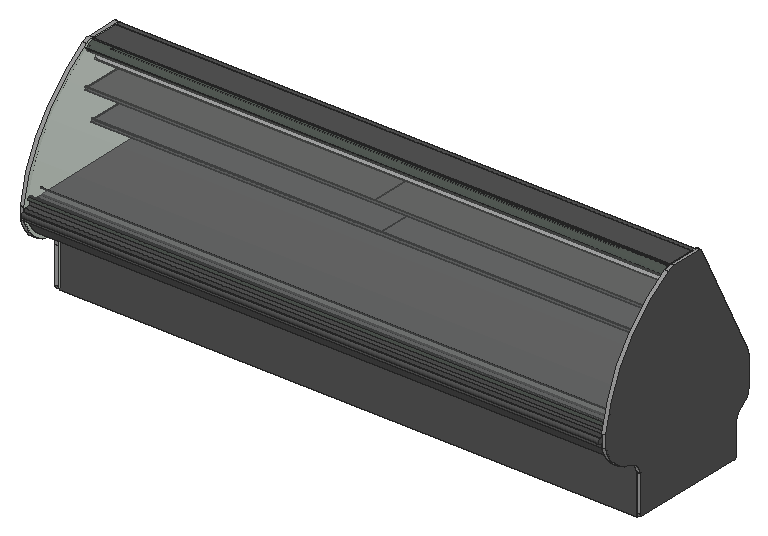
Revit family "ESBD_2014", category Specialty Equipment, Revit 2014 (continued)
Definition of nested family "Floor Support - E Series"
  Parameters (values of type "Floor Support - E Series")
    Model = ""
    Manufacturer = "Hussmann Corporation"
    Height = 15.4495"
    Floor Support = none
    Description = ""
    Depth = 26.382"
    Assembly Code = ""
    Accessories/Options = ""
  Reference planes (in)
    plane 1 "Back": y = -2.993
    plane 2 "Bottom": z = 0
    plane 3 "Top": z = 15.4495
    plane 4 "Front": y = -29.375
    plane 5 "Center (Left/Right)": x = -0.61949
    plane 6 "Left": x = -2.61949
    plane 7 "Right": x = 1.38051
  Forms (in)
    Extrusion 1, solid, material <- "Floor Support"
      sketch origin (0, 0, 0) x (1, 0, 0) y (0, 1, 0)
        loop
          line (-2.61949, -6.062) -> (-2.61949, -6.187) -> (-1.74449, -6.187) -> (-1.74449, -3.118) -> (0.50551, -3.118) -> (0.50551, -6.187) -> (1.38051, -6.187) -> (1.38051, -6.062) -> (0.63051, -6.062) -> (0.63051, -2.993) -> (-1.86949, -2.993) -> (-1.86949, -6.062) -> (-2.61949, -6.062)
        loop
          line (-2.61949, -26.306) -> (-1.86949, -26.306) -> (-1.86949, -29.375) -> (0.63051, -29.375) -> (0.63051, -26.306) -> (1.38051, -26.306) -> (1.38051, -26.181) -> (0.50551, -26.181) -> (0.50551, -29.25) -> (-1.74449, -29.25) -> (-1.74449, -26.181) -> (-2.61949, -26.181) -> (-2.61949, -26.306)
      from 0.6875 to 15.4495
    Extrusion 2, solid, material <- "Floor Support"
      sketch origin (0, 0, 0) x (1, 0, 0) y (0, 1, 0)
        loop
          circle (-0.61949, -3.519) r 0.3125
        loop
          circle (-0.61949, -28.592) r 0.3125
      from 0 to 0.5625
    Extrusion 3, solid, material <- "Floor Support"
      sketch origin (0, 0, 0) x (1, 0, 0) y (0, 1, 0)
        loop
          circle (-0.61949, -28.592) r 0.5
        loop
          circle (-0.61949, -3.519) r 0.5
      from 0.5625 to 0.6875
    Extrusion 4, solid, material <- "Floor Support"
      sketch origin (0, 0, 0) x (1, 0, 0) y (0, 1, 0)
        loop
          line (-1.74449, -3.118) -> (-1.74449, -29.25) -> (0.50551, -29.25) -> (0.50551, -3.118) -> (-1.74449, -3.118)
      from 12.56949 to 15.4495
  Dimensions and locks (in)
    "Depth": plane 4 "Front" to plane 1 "Back"
    "Height": plane 3 "Top" to level
    equal spacing: plane 6 "Left", plane 5 "Center (Left/Right)", plane 7 "Right"
    "Width": plane 6 "Left" to plane 7 "Right"
    aligned and locked: Extrusion 4 to plane 3 "Top"
    aligned and locked: Extrusion 1 to plane 3 "Top"
  Automatic sketch dimensions
    plane 1 "Back" to Extrusion 1 sketch curve = 0"
    Extrusion 1 sketch curve to Extrusion 1 sketch curve = 1/8"  (x9)
    plane 1 "Back" to Extrusion 1 sketch curve = 1/8"
    Extrusion 1 sketch curve to Extrusion 1 sketch curve = 0"  (x2)
    Extrusion 1 sketch curve to plane 6 "Left" = 0"  (x2)
    plane 6 "Left" to Extrusion 1 sketch curve = 3/4"  (x2)
    Extrusion 1 sketch curve to plane 7 "Right" = 0"  (x2)
    Extrusion 1 sketch curve to plane 7 "Right" = 7/8"
    Extrusion 1 sketch curve to Extrusion 1 sketch curve = 7/8"
    Extrusion 3 sketch curve to plane 5 "Center (Left/Right)" = 0"  (x2)
    plane 4 "Front" to Extrusion 4 sketch curve = 1/8"
    plane 6 "Left" to Extrusion 4 sketch curve = 7/8"
    Extrusion 4 sketch curve to plane 7 "Right" = 7/8"
    plane 1 "Back" to Extrusion 4 sketch curve = 1/8"
    Extrusion 1 sketch curve to plane 4 "Front" = 0"
    Extrusion 1 sketch curve to Extrusion 1 sketch curve = 2.944"
    plane 4 "Front" to Extrusion 3 sketch curve = 0.783"
    Extrusion 1 sketch curve to Extrusion 1 sketch curve = 3.069"
    plane 1 "Back" to Extrusion 3 sketch curve = 0.526"
    radius of Extrusion 3 sketch curve = 1/2"  (x2)
Definition of nested family "Service Doors - 117deg - 48"
  Parameters (values of type "Service Doors - 117deg - 48")
    Glazing = Glass
    Door Frame = none
  Reference planes (in)
    plane 1 "Center (Front/Back)": y = 25.29918
    plane 2: z = 0
    plane 3 "Center (Left/Right)": x = 0
  Forms (in)
    Sweep 1, solid, material <- "Door Frame"
      path in 3D
        loop
          line (48, 12.47395, 49.89806) -> (0, 12.47395, 49.89806) -> (0, 25.29918, 24.72713) -> (48, 25.29918, 24.72713) -> (48, 12.47395, 49.89806)
      profile origin (24, 12.47395, 49.89806) x (0, -0.999433, -0.03367) y (0, -0.03367, 0.999433)
        loop
          line (0.21162, -0.099) -> (0, 0) -> (-0.6356, -1.35868) -> (1.40139, -2.3116) -> (1.82513, -1.40581) -> (0.01501, -0.55903) -> (0.21162, -0.099)
    Extrusion 2, solid, material <- "Door Frame"
      sketch origin (1.5, 11.15118, 47.54059) x (0, 0.45399, -0.891007) y (0, 0.891007, 0.45399)
        loop
          line (0, 0.25) -> (25.25, 0.25) -> (25.25, 1.0625) -> (0, 1.0625) -> (0, 0.25)
      from 0 to 23
    Extrusion 3, solid, material <- "Door Frame"
      sketch origin (46.5, 22.61444, 25.04267) x (0, -0.45399, 0.891007) y (0, 0.891007, 0.45399)
        loop
          line (25.25, 1.875) -> (0, 1.875) -> (0, 1.0625) -> (25.25, 1.0625) -> (25.25, 1.875)
      from 0 to 23
    Extrusion 4, void
      sketch origin (46.5, 13.11976, 47.80708) x (0, -0.45399, 0.891007) y (-1, 0, 0)
        loop
          line (-23.09373, 21.5) -> (-23.09373, 1.5) -> (-0.84373, 1.5) -> (-0.84373, 21.5) -> (-23.09373, 21.5)
      from 0 to 0.8125
    Extrusion 5, void
      sketch origin (1.5, 11.1405, 48.11223) x (0, -0.45399, 0.891007) y (1, 0, 0)
        loop
          line (-2.01418, 21.5) -> (-24.26418, 21.5) -> (-24.26418, 1.5) -> (-2.01418, 1.5) -> (-2.01418, 21.5)
      from 0 to 0.8125
    Extrusion 6, solid, material "Glass" <- "Glazing"
      sketch origin (25, 24.28508, 25.8939) x (0, -0.45399, 0.891007) y (0, -0.891007, -0.45399)
        loop
          line (1.5, 0.1875) -> (25.25, 0.1875) -> (25.25, 0.625) -> (1.5, 0.625) -> (1.5, 0.1875)
      from 0 to 20
    Extrusion 7, solid, material "Glass" <- "Glazing"
      sketch origin (23, 11.37393, 47.65408) x (0, 0.45399, -0.891007) y (0, -0.891007, -0.45399)
        loop
          line (1.5, -0.625) -> (25.25, -0.625) -> (25.25, -0.1875) -> (1.5, -0.1875) -> (1.5, -0.625)
      from 0 to 20
  Cuts and joins
    Extrusion 4 cuts Extrusion 3
    Extrusion 5 cuts Extrusion 2
  Lines and regions (in)
    sketch lines
      curve 1: line (48, 25.29918, 24.72713) -> (48, 12.47395, 49.89806)
      curve 2: line (0, 12.47395, 49.89806) -> (0, 25.29918, 24.72713)
      curve 3: line (48, 12.47395, 49.89806) -> (0, 12.47395, 49.89806)
      curve 4: line (48, 25.29918, 24.72713) -> (0, 25.29918, 24.72713)
  Dimensions and locks (in)
    Extrusion 2 to Extrusion 3 = 45"
    plane 3 "Center (Left/Right)" to Sweep 1 = 48"
    Sweep 1 to Sweep 1 = 1 1/2"
    locked: cut or joined group of Extrusion 3, Extrusion 4 to Extrusion 4 sketch curve at 1.5
    locked: Extrusion 5 sketch curve to cut or joined group of Extrusion 2, Extrusion 5 at 1.5
    Sweep 1 to Sweep 1 = 28 1/4"
    locked: cut or joined group of Extrusion 2, Extrusion 5 to Extrusion 5 sketch curve at 1.5  (x2)
    locked: Sweep 1 to Extrusion 5 sketch curve at 1.5
    locked: Extrusion 4 sketch curve to Sweep 1 at 1.5  (x3)
    Sweep 1 to Sweep 1 = 45"
    angle level to Sweep 1 = 117.00°
    aligned and locked: plane 2 to level
    aligned and locked: Extrusion 3 to Sweep 1  (x3)
    aligned and locked: Extrusion 2 to Sweep 1
    aligned and locked: Extrusion 6 to cut or joined group of Extrusion 3, Extrusion 4
    aligned and locked: cut or joined group of Extrusion 3, Extrusion 4 to Extrusion 6
    aligned and locked: cut or joined group of Extrusion 2, Extrusion 5 to Extrusion 7
    aligned and locked: plane 1 "Center (Front/Back)" to Sweep 1
    aligned and locked: Sweep 1 to Extrusion 2 sketch curve  (x2)
    aligned and locked: cut or joined group of Extrusion 2, Extrusion 5 to Extrusion 7 sketch curve
    aligned and locked: Extrusion 7 sketch curve to Sweep 1
    aligned and locked: Sweep 1 to Extrusion 3 sketch curve  (x2)
    aligned and locked: Extrusion 6 sketch curve to Sweep 1
    aligned and locked: Extrusion 6 sketch curve to cut or joined group of Extrusion 3, Extrusion 4
Definition of nested family "Service Doors - 117deg - 72"
  Parameters (values of type "Service Doors - 117deg - 72")
    Glazing = none
    Door Frame = none
  Reference planes (in)
    plane 1 "Center (Front/Back)": y = 25.29918
    plane 2: z = 0
    plane 3 "Center (Left/Right)": x = 0
  Forms (in)
    Sweep 1, solid, material <- "Door Frame"
      path in 3D
        loop
          line (72, 12.47395, 49.89806) -> (0, 12.47395, 49.89806) -> (0, 25.29918, 24.72713) -> (72, 25.29918, 24.72713) -> (72, 12.47395, 49.89806)
      profile origin (36, 12.47395, 49.89806) x (0, -0.999433, -0.03367) y (0, -0.03367, 0.999433)
        loop
          line (0.21162, -0.099) -> (0, 0) -> (-0.6356, -1.35868) -> (1.40139, -2.3116) -> (1.82513, -1.40581) -> (0.01501, -0.55903) -> (0.21162, -0.099)
    Extrusion 2, solid, material <- "Door Frame"
      sketch origin (1.5, 11.15118, 47.54059) x (0, 0.45399, -0.891007) y (0, 0.891007, 0.45399)
        loop
          line (0, 0.25) -> (25.25, 0.25) -> (25.25, 1.0625) -> (0, 1.0625) -> (0, 0.25)
      from 0 to 35
    Extrusion 3, solid, material <- "Door Frame"
      sketch origin (70.5, 22.61444, 25.04267) x (0, -0.45399, 0.891007) y (0, 0.891007, 0.45399)
        loop
          line (25.25, 1.875) -> (0, 1.875) -> (0, 1.0625) -> (25.25, 1.0625) -> (25.25, 1.875)
      from 0 to 35
    Extrusion 4, void
      sketch origin (70.5, 13.11976, 47.80708) x (0, -0.45399, 0.891007) y (-1, 0, 0)
        loop
          line (-23.09373, 33.5) -> (-23.09373, 1.5) -> (-0.84373, 1.5) -> (-0.84373, 33.5) -> (-23.09373, 33.5)
      from 0 to 0.8125
    Extrusion 5, void
      sketch origin (1.5, 11.1405, 48.11223) x (0, -0.45399, 0.891007) y (1, 0, 0)
        loop
          line (-2.01418, 33.5) -> (-24.26418, 33.5) -> (-24.26418, 1.5) -> (-2.01418, 1.5) -> (-2.01418, 33.5)
      from 0 to 0.8125
    Extrusion 6, solid, material <- "Glazing"
      sketch origin (37, 24.28508, 25.8939) x (0, -0.45399, 0.891007) y (0, -0.891007, -0.45399)
        loop
          line (1.5, 0.1875) -> (25.25, 0.1875) -> (25.25, 0.625) -> (1.5, 0.625) -> (1.5, 0.1875)
      from 0 to 32
    Extrusion 7, solid, material <- "Glazing"
      sketch origin (35, 11.37393, 47.65408) x (0, 0.45399, -0.891007) y (0, -0.891007, -0.45399)
        loop
          line (1.5, -0.625) -> (25.25, -0.625) -> (25.25, -0.1875) -> (1.5, -0.1875) -> (1.5, -0.625)
      from 0 to 32
  Cuts and joins
    Extrusion 4 cuts Extrusion 3
    Extrusion 5 cuts Extrusion 2
  Lines and regions (in)
    sketch lines
      curve 1: line (72, 25.29918, 24.72713) -> (72, 12.47395, 49.89806)
      curve 2: line (0, 12.47395, 49.89806) -> (0, 25.29918, 24.72713)
      curve 3: line (72, 12.47395, 49.89806) -> (0, 12.47395, 49.89806)
      curve 4: line (72, 25.29918, 24.72713) -> (0, 25.29918, 24.72713)
  Dimensions and locks (in)
    Extrusion 2 to Extrusion 3 = 69"
    plane 3 "Center (Left/Right)" to Sweep 1 = 72"
    Sweep 1 to Sweep 1 = 1 1/2"
    locked: cut or joined group of Extrusion 3, Extrusion 4 to Extrusion 4 sketch curve at 1.5
    locked: Extrusion 5 sketch curve to cut or joined group of Extrusion 2, Extrusion 5 at 1.5
    Sweep 1 to Sweep 1 = 28 1/4"
    locked: cut or joined group of Extrusion 2, Extrusion 5 to Extrusion 5 sketch curve at 1.5  (x2)
    locked: Sweep 1 to Extrusion 5 sketch curve at 1.5
    locked: Extrusion 4 sketch curve to Sweep 1 at 1.5  (x3)
    Sweep 1 to Sweep 1 = 69"
    angle level to Sweep 1 = 117.00°
    aligned and locked: plane 2 to level
    aligned and locked: Extrusion 3 to Sweep 1  (x3)
    aligned and locked: Extrusion 2 to Sweep 1
    aligned and locked: Extrusion 6 to cut or joined group of Extrusion 3, Extrusion 4
    aligned and locked: cut or joined group of Extrusion 3, Extrusion 4 to Extrusion 6
    aligned and locked: cut or joined group of Extrusion 2, Extrusion 5 to Extrusion 7
    aligned and locked: plane 1 "Center (Front/Back)" to Sweep 1
    aligned and locked: Sweep 1 to Extrusion 2 sketch curve  (x2)
    aligned and locked: cut or joined group of Extrusion 2, Extrusion 5 to Extrusion 7 sketch curve
    aligned and locked: Extrusion 7 sketch curve to Sweep 1
    aligned and locked: Sweep 1 to Extrusion 3 sketch curve  (x2)
    aligned and locked: Extrusion 6 sketch curve to Sweep 1
    aligned and locked: Extrusion 6 sketch curve to cut or joined group of Extrusion 3, Extrusion 4
Definition of nested family "Shelf - E Series"
  Parameters (values of type "18"")
    Width = 1/4"
    Shelf Bracket = Sheet Metal (Steel Painted) - 701 Black
    Height = 4.89591"
    Depth = 18"
  Types (5): name | Depth
    18" | 18"
    12" | 12"
    16" | 16"
    22" | 22"
    14" | 14"
  Reference planes (in)
    plane 1 "Back": y = 0
    plane 2: z = 0
    plane 3 "Left": x = 0
    plane 4 "Front": y = -18
    plane 5 "Right": x = 0.25
    plane 6: z = 4.89591
    plane 7 "Center (Left/Right)": x = 0.125
  Forms (in)
    Extrusion 1, solid, material "Sheet Metal (Steel Painted) - 701 Black" <- "Shelf Bracket"
      sketch origin (0, 0, 0) x (0, 1, 0) y (0, 0, 1)
        loop
          line (0.07326, 0.26836) -> (0.18143, 0.26875)
          arc (0.18143, 0.26875) -> (0.3025, 0.36199) -> (0.24317, 0.50282) r 0.12517
          line (0.24317, 0.50282) -> (-0.04494, 0.66605)
          arc (-0.04494, 0.66605) -> (-0.07187, 0.69679) -> (-0.07382, 0.7376) r 0.062
          line (-0.07382, 0.7376) -> (0.10406, 1.33811) -> (0.09305, 2.59922) -> (0.01772, 3.20416)
          arc (0.01772, 3.20416) -> (0.03288, 3.25348) -> (0.07981, 3.27494) r 0.063
          line (0.07981, 3.27494) -> (0.15806, 3.27547) -> (0.15929, 3.09434) -> (0.56271, 3.06679) -> (0.68212, 3.03122) -> (0.63408, 2.86666) -> (1.2983, 2.73359) -> (1.40516, 2.66752) -> (1.32096, 2.53134) -> (1.94726, 2.21454) -> (2.03229, 2.12435) -> (1.91623, 2.01494)
          arc (1.91623, 2.01494) -> (2.32601, 2.00181) -> (2.34025, 2.41156) r 0.2903
          arc (2.34025, 2.41156) -> (1.62913, 3.00885) -> (0.79406, 3.41517) r 3.78823
          arc (0.79406, 3.41517) -> (0.76115, 3.40549) -> (0.74067, 3.43301) r 0.03
          arc (0.74067, 3.43301) -> (0.42541, 3.52091) -> (0.10373, 3.58126) r 3.78823
          arc (0.10373, 3.58126) -> (0.02969, 3.62316) -> (-0.00038, 3.70274) r 0.125
          line (-0.00038, 3.70274) -> (-0.01867, 4.21036)
          arc (-0.01867, 4.21036) -> (-0.00134, 4.25606) -> (0.04347, 4.27562) r 0.063
          line (0.04347, 4.27562) -> (0.14916, 4.277) -> (0.15148, 4.09933) -> (0.8496, 4.03037) -> (0.96839, 3.99481) -> (0.92223, 3.84061) -> (1.16715, 3.78222)
          arc (1.16715, 3.78222) -> (1.31884, 3.92198) -> (1.24674, 4.11523) r 0.18489
          arc (1.24674, 4.11523) -> (0.5579, 4.49791) -> (-0.2, 4.71364) r 3.43695
          arc (-0.2, 4.71364) -> (-0.21607, 4.71919) -> (-0.23121, 4.72694) r 0.121
          line (-0.23121, 4.72694) -> (-0.23121, 4.89591) -> (-18, 4.89591) -> (-18, 4.52233)
          spline (-18, 4.52233) -> (-17.99893, 4.50603) -> (-17.99574, 4.49) -> (-17.99049, 4.47453) -> (-17.98325, 4.45987) -> (-17.97417, 4.44628) -> (-17.96339, 4.434) -> (-17.9511, 4.42322) -> (-17.9375, 4.41415) -> (-17.92284, 4.40692) -> (-17.90735, 4.40167) -> (-17.89132, 4.39848) -> (-17.875, 4.39741)
          line (-17.875, 4.39741) -> (-16.09303, 4.39741)
          spline (-16.09303, 4.39741) -> (-16.07672, 4.39634) -> (-16.06068, 4.39315) -> (-16.0452, 4.3879) -> (-16.03053, 4.38067) -> (-16.01694, 4.37159) -> (-16.00465, 4.36082) -> (-15.99387, 4.34853) -> (-15.98478, 4.33495) -> (-15.97755, 4.32029) -> (-15.9723, 4.30482) -> (-15.96911, 4.28879) -> (-15.96804, 4.27249)
          line (-15.96804, 4.27249) -> (-15.96804, 3.92271)
          spline (-15.96804, 3.92271) -> (-15.96697, 3.9064) -> (-15.96378, 3.89037) -> (-15.95852, 3.8749) -> (-15.95129, 3.86025) -> (-15.94221, 3.84666) -> (-15.93142, 3.83437) -> (-15.91913, 3.8236) -> (-15.90554, 3.81452) -> (-15.89087, 3.80729) -> (-15.87539, 3.80204) -> (-15.85935, 3.79885) -> (-15.84304, 3.79779)
          line (-15.84304, 3.79779) -> (-3.71618, 3.79779)
          arc (-3.71618, 3.79779) -> (-2.98005, 3.43429) -> (-2.45199, 2.80567) r 1.99996
          line (-2.45199, 2.80567) -> (-1.47212, 0.97726)
          arc (-1.47212, 0.97726) -> (-1.05125, 0.43902) -> (-0.47377, 0.07386) r 1.99996
          line (-0.47377, 0.07386) -> (-0.29521, 0) -> (-0.24369, 0.17221) -> (0.07446, 0.09812) -> (0.07326, 0.26836)
      from 0 to 0.25
  Dimensions and locks (in)
    "Depth": plane 4 "Front" to plane 1 "Back"
    locked: Extrusion 1 sketch curve to plane 1 "Back" at 3.71618
    locked: plane 4 "Front" to Extrusion 1 sketch curve at 2.03196
    "Width": plane 5 "Right" to plane 3 "Left"
    "Height": plane 6 to level
    equal spacing: plane 3 "Left", plane 7 "Center (Left/Right)", plane 5 "Right"
    aligned and locked: plane 2 to level
    aligned and locked: Extrusion 1 to plane 3 "Left"
    aligned and locked: plane 5 "Right" to Extrusion 1
    aligned and locked: Extrusion 1 sketch curve to plane 4 "Front"
  Automatic sketch dimensions
    Extrusion 1 sketch curve to Extrusion 1 sketch curve = 0"  (x2)
    Extrusion 1 sketch curve to level = 0"
    Extrusion 1 sketch curve to plane 4 "Front" = 1/8"
    Extrusion 1 sketch curve to Extrusion 1 sketch curve = 1/8"  (x2)
    Extrusion 1 sketch curve to Extrusion 1 sketch curve = 0.49859"
    Extrusion 1 sketch curve to Extrusion 1 sketch curve = 1.26419"
    plane 1 "Back" to Extrusion 1 sketch curve = 1.47212"
    plane 1 "Back" to Extrusion 1 sketch curve = 0.75578"
    level to Extrusion 1 sketch curve = 0.07386"
    plane 1 "Back" to Extrusion 1 sketch curve = 0.47377"
    Extrusion 1 sketch curve to Extrusion 1 sketch curve = 0.0404"
    Extrusion 1 sketch curve to Extrusion 1 sketch curve = 0.17856"
    Extrusion 1 sketch curve to Extrusion 1 sketch curve = 0.05152"
    plane 1 "Back" to Extrusion 1 sketch curve = 0.07382"
    plane 1 "Back" to Extrusion 1 sketch curve = 0.04494"
    plane 1 "Back" to Extrusion 1 sketch curve = 0.01867"
    plane 1 "Back" to Extrusion 1 sketch curve = 0.01438"
    plane 1 "Back" to Extrusion 1 sketch curve = 0.00038"
    Extrusion 1 sketch curve to plane 1 "Back" = 0.01772"
    Extrusion 1 sketch curve to plane 1 "Back" = 0.04347"
    Extrusion 1 sketch curve to plane 1 "Back" = 0.04429"
    Extrusion 1 sketch curve to plane 1 "Back" = 0.07326"
    Extrusion 1 sketch curve to plane 1 "Back" = 0.07446"
    Extrusion 1 sketch curve to plane 1 "Back" = 0.07981"
    Extrusion 1 sketch curve to Extrusion 1 sketch curve = 1/16"
    Extrusion 1 sketch curve to plane 1 "Back" = 0.09305"
    Extrusion 1 sketch curve to plane 1 "Back" = 0.10406"
    Extrusion 1 sketch curve to plane 1 "Back" = 0.1246"
    Extrusion 1 sketch curve to Extrusion 1 sketch curve = 0.10569"
    Extrusion 1 sketch curve to plane 1 "Back" = 0.15148"
    Extrusion 1 sketch curve to Extrusion 1 sketch curve = 0.07825"
    Extrusion 1 sketch curve to Extrusion 1 sketch curve = 0.07905"
    Extrusion 1 sketch curve to Extrusion 1 sketch curve = 0.10816"
    Extrusion 1 sketch curve to Extrusion 1 sketch curve = 0.00004"
    Extrusion 1 sketch curve to Extrusion 1 sketch curve = 0.0617"
    Extrusion 1 sketch curve to plane 1 "Back" = 0.29066"
    Extrusion 1 sketch curve to Extrusion 1 sketch curve = 0.40342"
    Extrusion 1 sketch curve to Extrusion 1 sketch curve = 0.07136"
    Extrusion 1 sketch curve to Extrusion 1 sketch curve = 0.11941"
    Extrusion 1 sketch curve to Extrusion 1 sketch curve = 0.08854"
    Extrusion 1 sketch curve to Extrusion 1 sketch curve = 0.07895"
    Extrusion 1 sketch curve to Extrusion 1 sketch curve = 0.07263"
    Extrusion 1 sketch curve to Extrusion 1 sketch curve = 0.11879"
    Extrusion 1 sketch curve to Extrusion 1 sketch curve = 0.17062"
    Extrusion 1 sketch curve to Extrusion 1 sketch curve = 0.02814"
    Extrusion 1 sketch curve to Extrusion 1 sketch curve = 0.66423"
    Extrusion 1 sketch curve to Extrusion 1 sketch curve = 0.02266"
    Extrusion 1 sketch curve to Extrusion 1 sketch curve = 0.10686"
    Extrusion 1 sketch curve to Extrusion 1 sketch curve = 0.59526"
    Extrusion 1 sketch curve to Extrusion 1 sketch curve = 0.03103"
    Extrusion 1 sketch curve to Extrusion 1 sketch curve = 0.08503"
    Extrusion 1 sketch curve to Extrusion 1 sketch curve = 0.09542"
    Extrusion 1 sketch curve to level = 0.16869"
    level to Extrusion 1 sketch curve = 0.09812"
    level to Extrusion 1 sketch curve = 0.17221"
    Extrusion 1 sketch curve to Extrusion 1 sketch curve = 0.17024"
    Extrusion 1 sketch curve to Extrusion 1 sketch curve = 0.00039"
    Extrusion 1 sketch curve to Extrusion 1 sketch curve = 0.12517"
    Extrusion 1 sketch curve to Extrusion 1 sketch curve = 0.16323"
    Extrusion 1 sketch curve to Extrusion 1 sketch curve = 0.05394"
    level to Extrusion 1 sketch curve = 0.97726"
    Extrusion 1 sketch curve to Extrusion 1 sketch curve = 0.34466"
    Extrusion 1 sketch curve to Extrusion 1 sketch curve = 0.58386"
    level to Extrusion 1 sketch curve = 1.86097"
    Extrusion 1 sketch curve to Extrusion 1 sketch curve = 0.09298"
    Extrusion 1 sketch curve to Extrusion 1 sketch curve = 0.1094"
    Extrusion 1 sketch curve to Extrusion 1 sketch curve = 0.08948"
    Extrusion 1 sketch curve to Extrusion 1 sketch curve = 0.09019"
    Extrusion 1 sketch curve to Extrusion 1 sketch curve = 0.3168"
    Extrusion 1 sketch curve to Extrusion 1 sketch curve = 0.67726"
    Extrusion 1 sketch curve to Extrusion 1 sketch curve = 0.13618"
    Extrusion 1 sketch curve to Extrusion 1 sketch curve = 0.06608"
    Extrusion 1 sketch curve to Extrusion 1 sketch curve = 0.9447"
    Extrusion 1 sketch curve to Extrusion 1 sketch curve = 0.26744"
    Extrusion 1 sketch curve to Extrusion 1 sketch curve = 0.16455"
    Extrusion 1 sketch curve to Extrusion 1 sketch curve = 0.03558"
    Extrusion 1 sketch curve to Extrusion 1 sketch curve = 0.02755"
    Extrusion 1 sketch curve to Extrusion 1 sketch curve = 0.10981"
    Extrusion 1 sketch curve to Extrusion 1 sketch curve = 0.00778"
    Extrusion 1 sketch curve to Extrusion 1 sketch curve = 0.40272"
    Extrusion 1 sketch curve to Extrusion 1 sketch curve = 0.4278"
    Extrusion 1 sketch curve to Extrusion 1 sketch curve = 0.00177"
    Extrusion 1 sketch curve to Extrusion 1 sketch curve = 0.34828"
    Extrusion 1 sketch curve to Extrusion 1 sketch curve = 0.0584"
    Extrusion 1 sketch curve to Extrusion 1 sketch curve = 0.18274"
    Extrusion 1 sketch curve to Extrusion 1 sketch curve = 0.15419"
    Extrusion 1 sketch curve to Extrusion 1 sketch curve = 0.03556"
    Extrusion 1 sketch curve to Extrusion 1 sketch curve = 0.39482"
    Extrusion 1 sketch curve to Extrusion 1 sketch curve = 0.11103"
    Extrusion 1 sketch curve to Extrusion 1 sketch curve = 0.00227"
    Extrusion 1 sketch curve to Extrusion 1 sketch curve = 0.4747"
    Extrusion 1 sketch curve to Extrusion 1 sketch curve = 0.0312"
    Extrusion 1 sketch curve to plane 1 "Back" = 0.10373"
    Extrusion 1 sketch curve to Extrusion 1 sketch curve = 0.02999"
    Extrusion 1 sketch curve to Extrusion 1 sketch curve = 0.0234"
    Extrusion 1 sketch curve to Extrusion 1 sketch curve = 0.12492"  (x3)
    Extrusion 1 sketch curve to plane 6 = 0"
    plane 1 "Back" to Extrusion 1 sketch curve = 0.23121"
    Extrusion 1 sketch curve to Extrusion 1 sketch curve = 0.06258"
    Extrusion 1 sketch curve to Extrusion 1 sketch curve = 0.16897"
    Extrusion 1 sketch curve to plane 6 = 0.06541"
Definition of nested family "Light"
  Parameters (values of type "Light")
    Wattage = 16.1571 W
    built-in parameter 1150110 = 1 (stored number, unit not read)
    built-in parameter 1114217 = 1 (stored number, unit not read)
    built-in parameter 1150109 = 1 (stored number, unit not read)
    built-in parameter 1150134 = (empty or 0)
    built-in parameter 1150113 = 1 (stored number, unit not read)
    Lumens = 2400 lm
    built-in parameter 1150115 = 1 (stored number, unit not read)
    built-in parameter 1150105 = 763.94 (stored number, unit not read)
    Light Source Symbol Size = 24"
    built-in parameter 1150137 = (empty or 0)
    built-in parameter 1150139 = (empty or 0)
    Lense = none
    Length = 144"
    built-in parameter 1150112 = 1 (stored number, unit not read)
    built-in parameter 1150114 = 1 (stored number, unit not read)
    built-in parameter 1150132 = 2
    built-in parameter 1150102 = (empty or 0)
    built-in parameter 1150138 = (empty or 0)
    built-in parameter 1150107 = 6100 (stored number, unit not read)
    built-in parameter 1150106 = 7.6394 (stored number, unit not read)
    Emit from Line Length = Length  # 144"
    built-in parameter 1150104 = 13.8 (stored number, unit not read)
    Dimming Lamp Color Temperature Shift = (empty or 0)
    Color Filter = 16777215
    Casing = none
    built-in parameter 1114218 = 1 (stored number, unit not read)
    built-in parameter 1150133 = 10 (stored number, unit not read)
  Reference planes (in)
    plane 1 "Light Source Axis (F/B)": y = -8.60801
    plane 2: z = 0
    plane 3 "Light Source Axis (L/R)": x = 0
    plane 4 "Light Source Elevation": z = 52.5
    plane 5: z = 0
    plane 6 "Left": x = -72
    plane 7 "Right": x = 72
  Lines and regions (in)
    model lines
      curve 1: line (-72, -8.60801, 52.5) -> (72, -8.60801, 52.5)
  Dimensions and locks (in)
    equal spacing: plane 7 "Right", plane 3 "Light Source Axis (L/R)", plane 6 "Left"
    "Length": plane 7 "Right" to plane 6 "Left"
    aligned and locked: plane 3 "Light Source Axis (L/R)" to imposter light
    aligned and locked: plane 1 "Light Source Axis (F/B)" to imposter light
    aligned and locked: plane 4 "Light Source Elevation" to imposter light
    aligned and locked: level to plane 5
  Automatic sketch dimensions
    plane 1 "Light Source Axis (F/B)" to curve 1 = 0"
    curve 1 to plane 6 "Left" = 0"
    curve 1 to plane 7 "Right" = 0"
Types (4): name | Width | Total Weight | Number of Supports | Number of Shelf Supports | Location of Drain | Case Weight | 8 Case | 6 Case | 4 Case | 12 Case
  12'-0" Length | 144 1/2" | 1400.00 lbf | 4 | 3 | 72 1/4" | 1200.00 lbf | no | no | no | yes
  6'-0" Length | 72 3/8" | 900.00 lbf | 3 | 2 | 24 1/8" | 700.00 lbf | no | yes | no | no
  8'-0" Length | 96 3/8" | 1300.00 lbf | 3 | 3 | 24 1/8" | 1100.00 lbf | yes | no | no | no
  4'-0" Length | 48 1/4" | 800.00 lbf | 2 | 2 | 24 1/8" | 600.00 lbf | no | no | yes | no
